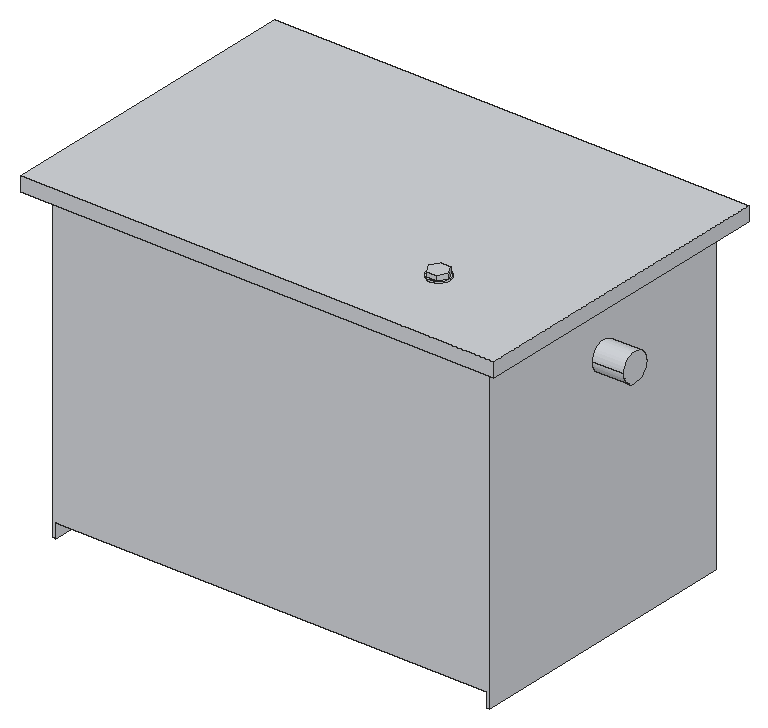
Revit family "MCL-G", category Pipe Accessories, Revit 2018
Family settings
  Round Connector Dimension = Use Diameter
  Part Type = Normal
  Work Plane-Based = No
  Always vertical = Yes
  Cut with Voids When Loaded = No
  Shared = No
Parameters (values of type "MCL-G-0")
  URL = "WWW.MIFAB.COM"
  Model = "MCL-G-0"
  Manufacturer = "MIFAB"
  E-Height = 0' - 11"
  Description = "HYDRO MECHANICAL ECONOMY GREASE INTERCEPTOR"
  C-Pipe Offset = 0' - 2 123/256"
  B-Length = 0' - 11 67/256"
  A-Width = 1' - 4 187/256"
Types (9): name | Model | E-Height | C-Pipe Offset | B-Length | A-Width
  (no name) | "MCL-G-0" | 0' - 11" | 0' - 2 123/256" | 0' - 11 67/256" | 1' - 4 187/256"
  MCL-G-0 | "MCL-G-0" | 0' - 11" | 0' - 2 123/256" | 0' - 11 67/256" | 1' - 4 187/256"
  MCL-G-1 | "MCL-G-1" | 1' - 0" | 0' - 3 129/256" | 1' - 1 189/256" | 1' - 5 97/128"
  MCL-G-2 | "MCL-G-2" | 1' - 1" | 0' - 3 129/256" | 1' - 3 191/256" | 1' - 9 67/256"
  MCL-G-3 | "MCL-G-3" | 1' - 3" | 0' - 3 129/256" | 1' - 3 191/256" | 1' - 11 189/256"
  MCL-G-4 | "MCL-G-4" | 1' - 5 123/256" | 0' - 3 129/256" | 1' - 3 191/256" | 1' - 11 189/256"
  MCL-G-5 | "MCL-G-5" | 1' - 5 123/256" | 0' - 3 129/256" | 1' - 6 189/256" | 2' - 3 97/128"
  MCL-G-6 | "MCL-G-6" | 1' - 10 1/128" | 0' - 5 131/256" | 1' - 11 189/256" | 2' - 7 67/256"
  MCL-G-7 | "MCL-G-7" | 2' - 0 1/64" | 0' - 5 131/256" | 1' - 11 189/256" | 2' - 7 67/256"
Reference planes (in)
  plane 1 "Center (Front/Back)": y = 0
  plane 2: z = 0
  plane 3 "Center (Left/Right)": x = 0
  plane 4: x = -8.36523
  plane 5: x = 8.36523
  plane 6: y = 5.63086
  plane 7: y = -5.63086
  plane 8: z = 11
  plane 9: z = 10.48819
  plane 10: z = 10.88189
  plane 11: z = 0.11719
  plane 12: z = 8.51953
  plane 13: x = 8.86523
  plane 14: z = -0.5
  plane 15: y = 5.00094
  plane 16: y = -5.00094
Forms (in)
  Sweep 1, solid
    path origin (0, 0, 0) x (1, 0, 0) y (0, 1, 0)
      loop
        line (8.36523, 5.63086) -> (-8.36523, 5.63086) -> (-8.36523, -5.63086) -> (8.36523, -5.63086) -> (8.36523, 5.63086)
    profile origin (8.36523, 0, 0) x (1, 0, 0) y (0, 0, 1)
      loop
        line (0, 11) -> (-0.74803, 11) -> (-0.74803, 10.48819) -> (0, 10.48819) -> (0, 11)
  Extrusion 2, solid
    sketch origin (0, 0, 0) x (1, 0, 0) y (0, 1, 0)
      loop
        line (-7.6172, 4.88283) -> (-7.6172, -4.88283) -> (7.6172, -4.88283) -> (7.6172, 4.88283) -> (-7.6172, 4.88283)
    from 10.88189 to 11
  Sweep 3, solid
    path origin (0, 0, 0) x (1, 0, 0) y (0, 1, 0)
      loop
        line (8.36523, 5.63086) -> (-8.36523, 5.63086) -> (-8.36523, -5.63086) -> (8.36523, -5.63086) -> (8.36523, 5.63086)
    profile origin (8.36523, 0, 0) x (1, 0, 0) y (0, 0, 1)
      loop
        line (-0.74803, 10.48819) -> (-0.74803, 0) -> (-0.62992, 0) -> (-0.62992, 10.48819) -> (-0.74803, 10.48819)
  Extrusion 4, solid
    sketch origin (0, 0, 0) x (1, 0, 0) y (0, 1, 0)
      loop
        line (-7.6172, 4.88283) -> (-7.6172, -4.88283) -> (7.6172, -4.88283) -> (7.6172, 4.88283) -> (-7.6172, 4.88283)
    from 0 to 0.11719
  Extrusion 5, solid
    sketch origin (0, 0, 0) x (0, 1, 0) y (0, 0, 1)
      loop
        circle (0, 8.51953) r 0.5
    from 7.73531 to 8.86523
  Extrusion 6, void
    sketch origin (-7.73531, -5.00094, 10.48819) x (0, -1, 0) y (0, 0, -1)
      loop
        circle (-5.00094, 1.96866) r 0.5
    from 0 to 0.11811
  Extrusion 7, solid
    sketch origin (0, 0, 0) x (1, 0, 0) y (0, 0, 1)
      loop
        line (7.73531, 0) -> (7.6172, 0) -> (7.6172, -0.5) -> (7.73531, -0.5) -> (7.73531, 0)
    from -5.00094 to 5.00094
  Extrusion 8, solid
    sketch origin (0, 0, 0) x (1, 0, 0) y (0, 0, 1)
      loop
        line (-7.73531, 0) -> (-7.73531, -0.5) -> (-7.6172, -0.5) -> (-7.6172, 0) -> (-7.73531, 0)
    from -5.00094 to 5.00094
Cuts and joins
  joined: Sweep 1, Extrusion 2
  Extrusion 6 cuts Sweep 3
  joined: Sweep 3, Extrusion 4, Extrusion 7, Extrusion 8
Dimensions and locks (in)
  equal spacing: plane 4, plane 3 "Center (Left/Right)", plane 5
  "A-Width": plane 4 to plane 5
  equal spacing: plane 7, plane 1 "Center (Front/Back)", plane 6
  "B-Length": plane 7 to plane 6
  "E-Height": plane 8 to level
  locked: Sweep 1 sketch curve to plane 5 at 0.74803
  locked: plane 8 to plane 9 at 0.51181
  locked: plane 8 to plane 10 at 0.11811
  plane 5 to Sweep 3 sketch curve to Sweep 3 sketch curve = 0' - 0.62992" locked, 0' - 0.11811" locked
  locked: plane 11 to level at 0.11719
  "C-Pipe Offset": plane 8 to plane 12
  locked: plane 5 to plane 13 at 0.5
  locked: level to plane 14 at 0.5
  equal spacing: plane 3 "Center (Left/Right)", nested 1, plane 5
  equal spacing: plane 7, nested 1, plane 1 "Center (Front/Back)"
  locked: plane 16 to plane 7 at 0.62992
  locked: plane 6 to plane 15 at 0.62992
  aligned and locked: level to plane 2
  aligned and locked: plane 5 to Sweep 1 sketch curve
  aligned and locked: Sweep 1 sketch curve to plane 6
  aligned and locked: Sweep 1 sketch curve to plane 4
  aligned and locked: plane 7 to Sweep 1 sketch curve
  aligned and locked: Sweep 1 sketch curve to plane 5
  aligned and locked: plane 9 to Sweep 1 sketch curve
  aligned and locked: Extrusion 2 sketch curve to Sweep 1  (x4)
  aligned and locked: plane 8 to Extrusion 2
  aligned and locked: Extrusion 2 to plane 10
  aligned and locked: plane 5 to Sweep 3 sketch curve
  aligned and locked: Sweep 3 sketch curve to plane 6
  aligned and locked: Sweep 3 sketch curve to plane 4
  aligned and locked: plane 7 to Sweep 3 sketch curve
  aligned and locked: cut or joined group of Sweep 1, Extrusion 2 to Sweep 3 sketch curve
  aligned and locked: profile plane to Sweep 3 sketch curve
  aligned and locked: Extrusion 4 sketch curve to cut or joined group of Sweep 1, Extrusion 2  (x4)
  aligned and locked: Extrusion 4 to level
  aligned and locked: plane 11 to Extrusion 4
  aligned and locked: plane 12 to Extrusion 5 sketch curve
  aligned and locked: plane 1 "Center (Front/Back)" to Extrusion 5 sketch curve
  aligned and locked: Extrusion 5 to Sweep 3
  aligned and locked: plane 13 to Extrusion 5
  aligned and locked: plane 12 to Extrusion 6 sketch curve
  aligned and locked: plane 1 "Center (Front/Back)" to Extrusion 6 sketch curve
  aligned and locked: Sweep 3 to Extrusion 6
  aligned and locked: Extrusion 6 to cut or joined group of Sweep 1, Extrusion 2
  aligned and locked: Extrusion 7 sketch curve to Extrusion 4
  aligned and locked: plane 14 to Extrusion 8 sketch curve
  aligned and locked: plane 15 to cut or joined group of Sweep 3, Extrusion 4, Extrusion 6, Extrusion 7, Extrusion 8
  aligned and locked: cut or joined group of Sweep 3, Extrusion 4, Extrusion 6, Extrusion 7, Extrusion 8 to plane 15  (x2)
  aligned and locked: plane 16 to cut or joined group of Sweep 3, Extrusion 4, Extrusion 6, Extrusion 7, Extrusion 8  (x2)
  aligned and locked: plane 8 to nested 1
Automatic sketch dimensions
  plane 9 to Sweep 1 sketch curve = 0' - 0.51181"
  Extrusion 7 sketch curve to level = 0' - 0"
  Extrusion 7 sketch curve to plane 14 = 0' - 0"
  Extrusion 7 sketch curve to Extrusion 7 sketch curve = 0' - 0.11811"
  Extrusion 8 sketch curve to level = 0' - 0"
  plane 4 to Extrusion 8 sketch curve = 0' - 0.62992"
  Extrusion 8 sketch curve to Extrusion 8 sketch curve = 0' - 0.11811"
  radius of Extrusion 5 sketch curve = 0' - 0 1/2"
  radius of Extrusion 6 sketch curve = 0' - 0 1/2"
Nested families (in)
  nested 1: "Bolt-01" at (4.18262, -3.81543, 9.71792), type "M20"
Connectors (in)
  piping at (8.86523, 0, 8.51953), diameter 1
    settings: on Extrusion 5, index 1, connector inside diameter 609.6 mm, connector length 0' - 0", flow factor 0, pipe flow 0.0 L/s, pressure drop 0.0 Pa, fitting loss kfactor 0, connector angle 0.00°, fixture units 0, engagement length 0' - 0", angle of deflection 0.00°, flow configuration 0, flow direction 2, fitting loss method 0, system type 16, joint type 0, gender type 0, connector reference index -1, connector utility 0, adjustable connector no, is connector primary yes, connector description ""
  piping at (-7.73531, 0, 8.51953), diameter 1
    settings: on cut or joined group of Sweep 3, Extrusion 4, Extrusion 6, Extrusion 7, Extrusion 8, index 2, connector inside diameter 609.6 mm, connector length 0' - 0", flow factor 0, pipe flow 0.0 L/s, pressure drop 0.0 Pa, fitting loss kfactor 0, connector angle 0.00°, fixture units 0, engagement length 0' - 0", angle of deflection 0.00°, flow configuration 0, flow direction 1, fitting loss method 0, system type 16, joint type 0, gender type 0, connector reference index -1, connector utility 0, adjustable connector no, is connector primary no, connector description ""
Definition of nested family "Bolt-01"
  Parameters (values of type "M20")
    r = D / 2  # 0' - 0.3937"
    T = 0' - 1.37795"
    L = 0' - 1"
    HN = 0' - 0.73622"
    H = 0' - 0.4685"
    F = 0' - 1.25197"
    D = 0' - 0.7874"
    Assembly Code = ""
  Types (10): name | r | T | HN | H | F | D
    M20 | 0' - 0.3937" | 0' - 1.37795" | 0' - 0.73622" | 0' - 0.4685" | 0' - 1.25197" | 0' - 0.7874"
    M22 | 0' - 0.43307" | 0' - 1 1/2" | 0' - 0.85827" | 0' - 0.54724" | 0' - 1.43701" | 0' - 0.86614"
    M16 | 0' - 0.31496" | 0' - 1.25197" | 0' - 0.61024" | 0' - 0.38976" | 0' - 1.06299" | 0' - 0.62992"
    M12 | 0' - 0.23622" | 0' - 1" | 0' - 0.48425" | 0' - 0.31102" | 0' - 0.87402" | 0' - 0.47244"
    M24 | 0' - 0.47244" | 0' - 1.62598" | 0' - 0.98425" | 0' - 0.61024" | 0' - 1.62598" | 0' - 0.94488"
    M33 | 0' - 0.64961" | 0' - 2.25197" | 0' - 0.84252" | 0' - 0.84252" | 0' - 2.18898" | 0' - 1.29921"
    M27 | 0' - 0.5315" | 0' - 2" | 0' - 1.11024" | 0' - 0.68898" | 0' - 1.81102" | 0' - 1.06299"
    M30 | 0' - 0.59055" | 0' - 2" | 0' - 1.22047" | 0' - 0.77953" | 0' - 2" | 0' - 1.1811"
    M36 | 0' - 0.70866" | 0' - 2.25197" | 0' - 1.4685" | 0' - 0.93701" | 0' - 2.37402" | 0' - 1.41732"
    M14 | 0' - 0.27559" | 0' - 1.25197" | 0' - 0.61024" | 0' - 0.38976" | 0' - 1.06299" | 0' - 0.55118"
  Reference planes (in)
    plane 1: z = 0
    plane 2 "Center (Left/Right)": x = 0
    plane 3: y = 1
    plane 4: x = -0.62598
    plane 5: x = 0.62598
    plane 6: y = 0.68504
    plane 7: y = 1.31496
    plane 8: z = 1.50465
    plane 9: z = 1.28208
    plane 10: z = 1.32017
  Forms (in)
    Extrusion 1, solid
      sketch origin (0, 1, 2.37795) x (1, 0, 0) y (0, 1, 0)
        loop
          circle (0, 0) r 0.17717
      from -2.37795 to -1.09587
    Extrusion 2, solid
      sketch origin (0, 1, 2.37795) x (1, 0, 0) y (0, 1, 0)
        loop
          line (-0.18184, -0.31496) -> (0.18184, -0.31496) -> (0.36369, 0) -> (0.18184, 0.31496) -> (-0.18184, 0.31496) -> (-0.36369, 0) -> (-0.18184, -0.31496)
      from -1.05778 to -0.8733
    Extrusion 3, solid
      sketch origin (0, 0, 0) x (1, 0, 0) y (0, 1, 0)
        loop
          circle (0, 1) r 0.3937
      from 1.28208 to 1.32017
  Dimensions and locks (in)
    "F": plane 5 to plane 4
    equal spacing: plane 7, plane 3, plane 6
    plane 8 to plane 1 = 0' - 1.50465"
    locked: plane 8 to plane 9 at 0.22257
    locked: plane 10 to plane 9 at 0.03809
    aligned and locked: Extrusion 3 to Extrusion 2
    aligned and locked: Extrusion 1 to Extrusion 3
    aligned and locked: Extrusion 1 to level
    aligned and locked: plane 9 to Extrusion 3
    aligned and locked: plane 10 to Extrusion 3
    aligned and locked: Extrusion 2 to plane 10
    aligned and locked: plane 8 to Extrusion 2
  Automatic sketch dimensions
    Extrusion 2 sketch curve to plane 3 = 0' - 0"  (x2)
    plane 6 to Extrusion 2 sketch curve = 0' - 0"
    Extrusion 2 sketch curve to plane 7 = 0' - 0"
    plane 4 to Extrusion 2 sketch curve = 0' - 0.2623"
    Extrusion 2 sketch curve to plane 2 "Center (Left/Right)" = 0' - 0.18184"  (x2)
    plane 2 "Center (Left/Right)" to Extrusion 2 sketch curve = 0' - 0.18184"  (x2)
    Extrusion 2 sketch curve to plane 5 = 0' - 0.2623"
    Extrusion 3 sketch curve to plane 2 "Center (Left/Right)" = 0' - 0"
    Extrusion 3 sketch curve to plane 3 = 0' - 0"
    Extrusion 1 sketch curve to plane 2 "Center (Left/Right)" = 0' - 0"
    Extrusion 1 sketch curve to plane 3 = 0' - 0"
    radius of Extrusion 3 sketch curve = 0' - 0.3937"
    radius of Extrusion 1 sketch curve = 0' - 0.17717"
